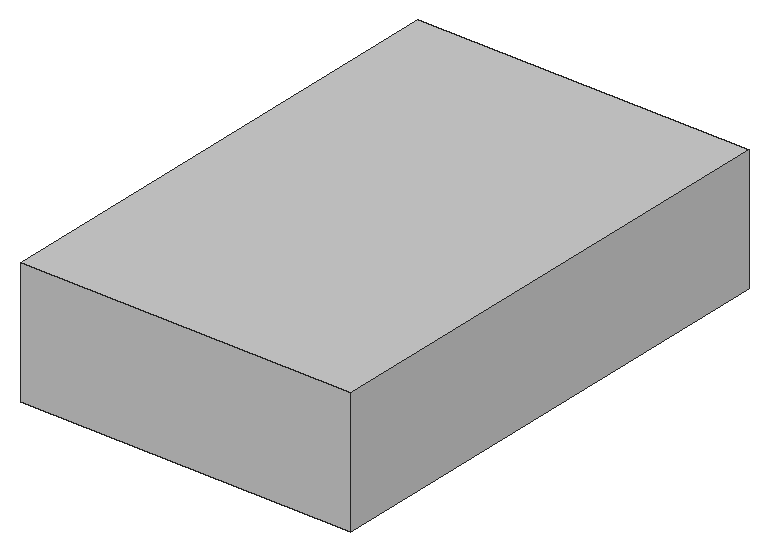
Revit family
Parameters (values of type "1800 x 1200 x 450mm")
  Width = 1200 mm
  Length = 1800 mm
  기초 재료 [instance] = 콘크리트 - 현장타설 콘크리트
  Assembly Code = ""
  두께 = 450 mm
Types (3, lengths in mm): name | Width | Length
  (no name) | 1200 | 1800
  1800 x 1200 x 450mm | 1200 | 1800
  2400 x 1800 x 450mm | 1800 | 2400
Reference planes
  plane 1 "중심(앞/뒤)": y = 0
  plane 2: z = 0
  plane 3 "중심(왼쪽/오른쪽)": x = 0
  plane 4: x = -600
  plane 5: x = 600
  plane 6: y = 900
  plane 7: y = -900
Forms (mm)
  Extrusion 1, solid, material "콘크리트 - 현장타설 콘크리트" <- "기초 재료"
    sketch origin (0, 0, 0) x (1, 0, 0) y (0, 1, 0)
      loop
        line (-600, 900) -> (-600, -900) -> (600, -900) -> (600, 900) -> (-600, 900)
    from -450 to 0
Dimensions and locks
  "두께": plane 2 to Extrusion 1
  "Width": plane 4 to plane 5
  "Length": plane 6 to plane 7
  equal spacing: plane 6, plane 1 "중심(앞/뒤)", plane 7
  equal spacing: plane 4, plane 3 "중심(왼쪽/오른쪽)", plane 5
  aligned and locked: plane 4 to Extrusion 1 sketch curve
  aligned and locked: Extrusion 1 sketch curve to plane 5
  aligned and locked: Extrusion 1 sketch curve to plane 6
  aligned and locked: plane 7 to Extrusion 1 sketch curve
  aligned and locked: level to Extrusion 1
